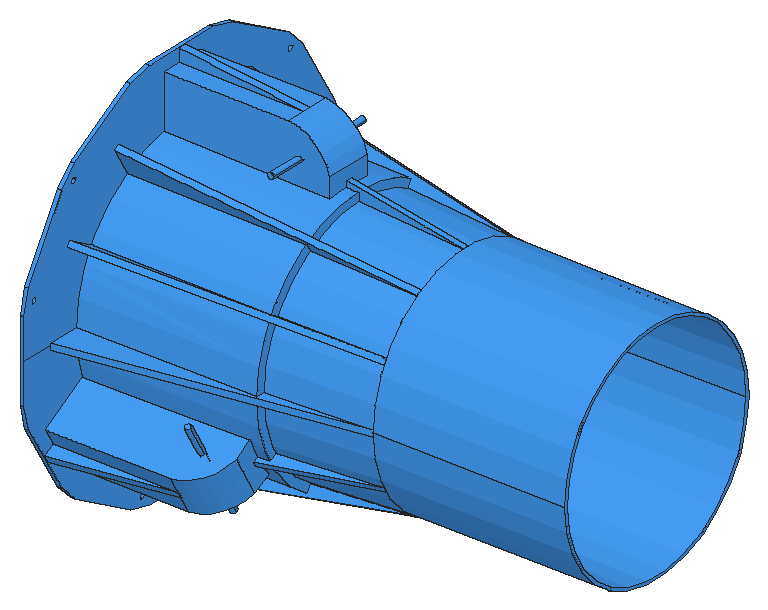
Revit family "H100S REV 0", category Pipe Accessories, Revit 2018
Family settings
  Round Connector Dimension = Use Diameter
  Part Type = Breaks Into
  Work Plane-Based = No
  Always vertical = No
  Cut with Voids When Loaded = No
  Shared = No
Parameters
  URL = "http://suresnap.co.uk/"
  Model = "H100S"
  Manufacturer = "Suresnap Fire Collars UK"
  Description = "SURE SNAP H100S Cast In Device"
  Cut Depth Offset [instance] = Cut Depth + 1 mm  # 1 mm
  Cut Depth [instance] = 0 mm
Reference planes
  plane 1 "Center (Front/Back)": y = 0
  plane 2: z = 0
  plane 3 "Center (Left/Right)": x = 21
  plane 4: x = -230
  plane 5: x = -80
  plane 6: y = 90.593
  plane 7: y = -50
  plane 8: y = 100.593
  plane 9: y = -60
  plane 10: x = -99.679
  plane 11: x = -79.975
Forms (mm)
  Revolve 1, solid, material "PVC-Blue", detail levels medium+fine
    sketch origin (0, 0, 0) x (1, 0, 0) y (0, 1, 0)
      loop
        line (-227.967, -69.144) -> (-134.479, -68.001) -> (-134.479, -63.623) -> (-79.996, -60.419) -> (21, -59.891) -> (21, -58.577) -> (-141.666, -55.896) -> (-141.666, -63.997) -> (-230, -65.169) -> (-230, -105) -> (-227.967, -105) -> (-227.967, -69.144)
      axis (-230, 0) -> (21, 0)
    angle from 0 to 360
  Extrusion 2, void
    sketch origin (-227.967, 0, 0) x (0, 1, 0) y (0, 0, -1)
      loop
        line (-27.564, -102.871) -> (27.564, -102.871) -> (75.307, -75.307) -> (102.871, -27.564) -> (102.871, 27.564) -> (75.307, 75.307) -> (27.564, 102.871) -> (-27.564, 102.871) -> (-75.307, 75.307) -> (-102.871, 27.564) -> (-102.871, -27.564) -> (-75.307, -75.307) -> (-27.564, -102.871)
      loop
        circle (0, 0) r 118.785
    from 0 to 2.033
  Extrusion 3, void
    sketch origin (-227.967, 0, 0) x (0, 1, 0) y (0, 0, -1)
      loop
        circle (-70.697, -70.697) r 1.577
      loop
        circle (-96.574, -25.877) r 1.577
      loop
        circle (96.571, -25.888) r 1.577
      loop
        circle (70.689, -70.705) r 1.577
      loop
        circle (-25.877, 96.574) r 1.577
      loop
        circle (25.877, 96.574) r 1.577
    from 0 to 2.033
  Extrusion 4, solid, material "PVC-Blue", detail levels fine
    sketch origin (0, 0, 0) x (1, 0, 0) y (0, 0, 1)
      loop
        line (-80, 60.418) -> (-227.967, 86.048) -> (-227.967, 69.12) -> (-80, 60.418)
    from -1.5 to 1.5
  Extrusion 5, solid, material "PVC-Blue", detail levels fine
    sketch origin (0, 0, 0) x (1, 0, 0) y (0, -0.5, 0.866025)
      loop
        line (-80, 60.418) -> (-227.967, 86.048) -> (-227.967, 69.12) -> (-80, 60.418)
    from -1.5 to 1.5
  Extrusion 6, solid, material "PVC-Blue", detail levels fine
    sketch origin (0, 0, 0) x (1, 0, 0) y (0, -0.866025, 0.5)
      loop
        line (-80, 60.418) -> (-227.967, 86.048) -> (-227.967, 69.12) -> (-80, 60.418)
    from -1.5 to 1.5
  Extrusion 7, solid, material "PVC-Blue", detail levels fine
    sketch origin (0, 0, 0) x (0, -1, 0) y (-1, 0, 0)
      loop
        line (60.418, 80) -> (86.048, 227.967) -> (69.12, 227.967) -> (60.418, 80)
    from -1.5 to 1.5
  Extrusion 8, solid, material "PVC-Blue", detail levels fine
    sketch origin (0, 0, 0) x (1, 0, 0) y (0, -0.866025, -0.5)
      loop
        line (-80, 60.418) -> (-227.967, 86.048) -> (-227.967, 69.12) -> (-80, 60.418)
    from -1.5 to 1.5
  Extrusion 9, solid, material "PVC-Blue", detail levels fine
    sketch origin (0, 0, 0) x (1, 0, 0) y (0, -0.5, -0.866025)
      loop
        line (-80, 60.418) -> (-227.967, 86.048) -> (-227.967, 69.12) -> (-80, 60.418)
    from -1.5 to 1.5
  Extrusion 10, solid, material "PVC-Blue", detail levels fine
    sketch origin (0, 0, 0) x (1, 0, 0) y (0, 0, -1)
      loop
        line (-80, 60.418) -> (-227.967, 86.048) -> (-227.967, 69.12) -> (-80, 60.418)
    from -1.5 to 1.5
  Extrusion 11, solid, material "PVC-Blue", detail levels fine
    sketch origin (0, 0, 0) x (1, 0, 0) y (0, 0.5, -0.866025)
      loop
        line (-80, 60.418) -> (-227.967, 86.048) -> (-227.967, 69.12) -> (-80, 60.418)
    from -1.5 to 1.5
  Extrusion 12, solid, material "PVC-Blue", detail levels fine
    sketch origin (0, 0, 0) x (1, 0, 0) y (0, 0.866025, -0.5)
      loop
        line (-80, 60.418) -> (-227.967, 86.048) -> (-227.967, 69.12) -> (-80, 60.418)
    from -1.5 to 1.5
  Extrusion 13, solid, material "PVC-Blue", detail levels fine
    sketch origin (0, 0, 0) x (1, 0, 0) y (0, 1, 0)
      loop
        line (-80, 60.418) -> (-227.967, 86.048) -> (-227.967, 69.12) -> (-80, 60.418)
    from -1.5 to 1.5
  Extrusion 14, solid, material "PVC-Blue", detail levels fine
    sketch origin (0, 0, 0) x (1, 0, 0) y (0, 0.866025, 0.5)
      loop
        line (-80, 60.418) -> (-227.967, 86.048) -> (-227.967, 69.12) -> (-80, 60.418)
    from -1.5 to 1.5
  Extrusion 15, solid, material "PVC-Blue", detail levels fine
    sketch origin (0, 0, 0) x (1, 0, 0) y (0, 0.5, 0.866025)
      loop
        line (-80, 60.418) -> (-227.967, 86.048) -> (-227.967, 69.12) -> (-80, 60.418)
    from -1.5 to 1.5
  Extrusion 16, solid, material "PVC-Blue", detail levels medium+fine
    sketch origin (0, 0, 0) x (1, 0, 0) y (0, 0, 1)
      loop
        line (-227.967, 58.439) -> (-140.967, 58.439) -> (-140.967, 77.244)
        arc (-140.967, 77.244) -> (-148.679, 90.01) -> (-162.316, 96.048) r 24.811
        line (-162.316, 96.048) -> (-227.967, 96.048) -> (-227.967, 58.439)
    from -12 to 12
  Extrusion 17, solid, material "PVC-Blue", detail levels medium+fine
    sketch origin (0, 0, 0) x (1, 0, 0) y (0, -0.866025, -0.5)
      loop
        line (-227.967, 58.439) -> (-140.967, 58.439) -> (-140.967, 77.244)
        arc (-140.967, 77.244) -> (-148.679, 90.01) -> (-162.316, 96.048) r 24.811
        line (-162.316, 96.048) -> (-227.967, 96.048) -> (-227.967, 58.439)
    from -12 to 12
  Extrusion 18, solid, material "PVC-Blue", detail levels medium+fine
    sketch origin (0, 0, 0) x (1, 0, 0) y (0, 0.866025, -0.5)
      loop
        line (-227.967, 58.439) -> (-140.967, 58.439) -> (-140.967, 77.244)
        arc (-140.967, 77.244) -> (-148.679, 90.01) -> (-162.316, 96.048) r 24.811
        line (-162.316, 96.048) -> (-227.967, 96.048) -> (-227.967, 58.439)
    from -12 to 12
  Extrusion 19, solid, material "PVC-Blue", detail levels fine
    sketch origin (0, 0, 0) x (1, 0, 0) y (0, 0, 1)
      loop
        line (-227.967, 102.871) -> (-227.967, 96.048) -> (-162.316, 96.048) -> (-227.967, 102.871)
    from -2 to 2
  Extrusion 20, solid, material "PVC-Blue", detail levels fine
    sketch origin (0, 0, 0) x (1, 0, 0) y (0, 0.866025, -0.5)
      loop
        line (-227.967, 102.871) -> (-227.967, 96.048) -> (-162.316, 96.048) -> (-227.967, 102.871)
    from -2 to 2
  Extrusion 21, solid, material "PVC-Blue", detail levels fine
    sketch origin (0, 0, 0) x (1, 0, 0) y (0, -0.866025, -0.5)
      loop
        line (-227.967, 102.871) -> (-227.967, 96.048) -> (-162.316, 96.048) -> (-227.967, 102.871)
    from -2 to 2
  Extrusion 22, solid, material "PVC-White", not visible, detail levels fine
    sketch origin (0, 0, 0) x (1, 0, 0) y (0, 0, 1)
      loop
        line (-80, 60.418) -> (-227.967, 86.048) -> (-227.967, 69.12) -> (-80, 60.418)
    from -1.5 to 1.5
  Extrusion 23, solid, material "PVC-White", not visible, detail levels fine
    sketch origin (0, 0, 0) x (1, 0, 0) y (0, -0.5, 0.866025)
      loop
        line (-80, 60.418) -> (-227.967, 86.048) -> (-227.967, 69.12) -> (-80, 60.418)
    from -1.5 to 1.5
  Extrusion 24, solid, material "PVC-White", not visible, detail levels fine
    sketch origin (0, 0, 0) x (1, 0, 0) y (0, -0.866025, 0.5)
      loop
        line (-80, 60.418) -> (-227.967, 86.048) -> (-227.967, 69.12) -> (-80, 60.418)
    from -1.5 to 1.5
  Extrusion 25, solid, material "PVC-White", not visible, detail levels fine
    sketch origin (0, 0, 0) x (0, -1, 0) y (-1, 0, 0)
      loop
        line (60.418, 80) -> (86.048, 227.967) -> (69.12, 227.967) -> (60.418, 80)
    from -1.5 to 1.5
  Extrusion 26, solid, material "PVC-White", not visible, detail levels fine
    sketch origin (0, 0, 0) x (1, 0, 0) y (0, -0.866025, -0.5)
      loop
        line (-80, 60.418) -> (-227.967, 86.048) -> (-227.967, 69.12) -> (-80, 60.418)
    from -1.5 to 1.5
  Extrusion 27, solid, material "PVC-White", not visible, detail levels fine
    sketch origin (0, 0, 0) x (1, 0, 0) y (0, -0.5, -0.866025)
      loop
        line (-80, 60.418) -> (-227.967, 86.048) -> (-227.967, 69.12) -> (-80, 60.418)
    from -1.5 to 1.5
  Extrusion 28, solid, material "PVC-White", not visible, detail levels fine
    sketch origin (0, 0, 0) x (1, 0, 0) y (0, 0, -1)
      loop
        line (-80, 60.418) -> (-227.967, 86.048) -> (-227.967, 69.12) -> (-80, 60.418)
    from -1.5 to 1.5
  Extrusion 29, solid, material "PVC-White", not visible, detail levels fine
    sketch origin (0, 0, 0) x (1, 0, 0) y (0, 0.5, -0.866025)
      loop
        line (-80, 60.418) -> (-227.967, 86.048) -> (-227.967, 69.12) -> (-80, 60.418)
    from -1.5 to 1.5
  Extrusion 30, solid, material "PVC-White", not visible, detail levels fine
    sketch origin (0, 0, 0) x (1, 0, 0) y (0, 0.866025, -0.5)
      loop
        line (-80, 60.418) -> (-227.967, 86.048) -> (-227.967, 69.12) -> (-80, 60.418)
    from -1.5 to 1.5
  Extrusion 31, solid, material "PVC-White", not visible, detail levels fine
    sketch origin (0, 0, 0) x (1, 0, 0) y (0, 1, 0)
      loop
        line (-80, 60.418) -> (-227.967, 86.048) -> (-227.967, 69.12) -> (-80, 60.418)
    from -1.5 to 1.5
  Extrusion 32, solid, material "PVC-White", not visible, detail levels fine
    sketch origin (0, 0, 0) x (1, 0, 0) y (0, 0.866025, 0.5)
      loop
        line (-80, 60.418) -> (-227.967, 86.048) -> (-227.967, 69.12) -> (-80, 60.418)
    from -1.5 to 1.5
  Extrusion 33, solid, material "PVC-White", not visible, detail levels fine
    sketch origin (0, 0, 0) x (1, 0, 0) y (0, 0.5, 0.866025)
      loop
        line (-80, 60.418) -> (-227.967, 86.048) -> (-227.967, 69.12) -> (-80, 60.418)
    from -1.5 to 1.5
  Extrusion 34, solid, material "PVC-Blue", detail levels fine
    sketch origin (0, 0, 0) x (1, 0, 0) y (0, 0, 1)
      loop
        circle (-157.362, 79.878) r 1.5
    from -30 to 30
  Extrusion 35, solid, material "PVC-Blue", detail levels fine
    sketch origin (0, 0, 0) x (1, 0, 0) y (0, 0.866025, -0.5)
      loop
        circle (-157.362, 79.878) r 1.5
    from -30 to 30
  Extrusion 36, solid, material "PVC-Blue", detail levels fine
    sketch origin (0, 0, 0) x (1, 0, 0) y (0, -0.866025, -0.5)
      loop
        circle (-157.362, 79.878) r 1.5
    from -30 to 30
  Extrusion 37, void
    sketch origin (21, 0, 0) x (0, 1, 0) y (0, 0, -1)
      loop
        circle (0, 0) r 70
    from 0 to 1 <- "Cut Depth Offset"
Cuts and joins
  Extrusion 2, Extrusion 3, Extrusion 37 cuts Revolve 1
  joined: Revolve 1, Extrusion 16, Extrusion 17, Extrusion 18
Dimensions and locks
  plane 4 to plane 3 "Center (Left/Right)" = 251 mm
  Extrusion 4 sketch curve to Extrusion 4 sketch curve = 0 mm
  Extrusion 5 sketch curve to Extrusion 5 sketch curve = 0 mm
  Extrusion 6 sketch curve to Extrusion 6 sketch curve = 0 mm
  Extrusion 7 sketch curve to Extrusion 7 sketch curve = 0 mm
  Extrusion 8 sketch curve to Extrusion 8 sketch curve = 0 mm
  Extrusion 9 sketch curve to Extrusion 9 sketch curve = 0 mm
  Extrusion 10 sketch curve to Extrusion 10 sketch curve = 0 mm
  Extrusion 11 sketch curve to Extrusion 11 sketch curve = 0 mm
  Extrusion 12 sketch curve to Extrusion 12 sketch curve = 0 mm
  Extrusion 13 sketch curve to Extrusion 13 sketch curve = 0 mm
  Extrusion 14 sketch curve to Extrusion 14 sketch curve = 0 mm
  Extrusion 15 sketch curve to Extrusion 15 sketch curve = 0 mm
  Extrusion 22 sketch curve to Extrusion 22 sketch curve = 0 mm
  Extrusion 23 sketch curve to Extrusion 23 sketch curve = 0 mm
  Extrusion 24 sketch curve to Extrusion 24 sketch curve = 0 mm
  Extrusion 25 sketch curve to Extrusion 25 sketch curve = 0 mm
  Extrusion 26 sketch curve to Extrusion 26 sketch curve = 0 mm
  Extrusion 27 sketch curve to Extrusion 27 sketch curve = 0 mm
  Extrusion 28 sketch curve to Extrusion 28 sketch curve = 0 mm
  Extrusion 29 sketch curve to Extrusion 29 sketch curve = 0 mm
  Extrusion 30 sketch curve to Extrusion 30 sketch curve = 0 mm
  Extrusion 31 sketch curve to Extrusion 31 sketch curve = 0 mm
  Extrusion 32 sketch curve to Extrusion 32 sketch curve = 0 mm
  Extrusion 33 sketch curve to Extrusion 33 sketch curve = 0 mm
  aligned and locked: level to plane 2
  aligned and locked: plane 1 "Center (Front/Back)" to Revolve 1 sketch curve
  aligned and locked: plane 3 "Center (Left/Right)" to Extrusion 37
Connectors
  piping at (-99.679, 0, 0), diameter 100
    settings: on plane 10, index 4, connector inside diameter 609.6 mm, connector length 0 mm, flow factor 0, pipe flow 0.0 L/s, pressure drop 0.0 Pa, fitting loss kfactor 0, connector angle 0.00°, fixture units 0, engagement length 0 mm, angle of deflection 0.00°, flow configuration 0, flow direction 0, fitting loss method 0, system type 7, joint type 0, gender type 0, connector reference index -1, connector utility 0, adjustable connector no, is connector primary yes, connector description ""
  piping at (-80, 0, 0), diameter 100
    settings: on plane 5, index 5, connector inside diameter 609.6 mm, connector length 0 mm, flow factor 0, pipe flow 0.0 L/s, pressure drop 0.0 Pa, fitting loss kfactor 0, connector angle 0.00°, fixture units 0, engagement length 0 mm, angle of deflection 0.00°, flow configuration 0, flow direction 0, fitting loss method 0, system type 7, joint type 0, gender type 0, connector reference index -1, connector utility 0, adjustable connector no, is connector primary no, connector description ""
